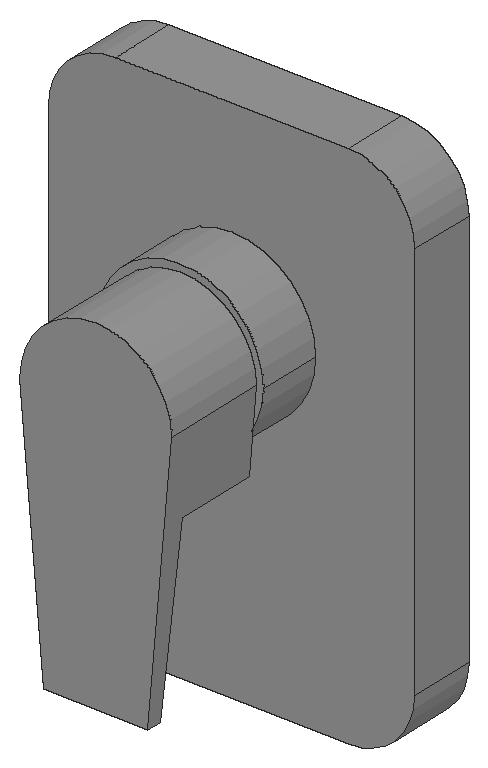
Revit family "Kohler Pitch K-74039IN-4FP-CP Family", category Plumbing Fixtures, Revit 2019
Family settings
  Round Connector Dimension = Use Diameter
  Part Type = Normal
  Work Plane-Based = Yes
  Always vertical = Yes
  Cut with Voids When Loaded = No
  Shared = No
  Room Calculation Point = No
Parameters (values of type "Kohler Pitch K-74039IN-4FP-CP")
  Width = 110 mm
  URL = "www.africa.kohler.com"
  Thickness = 71 mm
  Telephone = "011 050 9000"  # constant formula
  Model = "Kohler Pitch K-74039IN-4FP-CP"  # constant formula
  Material = Chrome
  Manufacturer = "Kohler Co."  # constant formula
  Height = 160 mm
  Email = "contact.africa@kohler.com"  # constant formula
  Disclaimer = "Although care has been taken to ensure, to the best of our knowledge, that all data and information contained herein is accurate to the extent that it relates to either matters of fact or accepted practice at the time of issue. MDFC (Pty) Ltd assumes no responsibility for any errors in, or misinterpretation of, such data and/ or information or any loss or damage arising from, or related to its use."  # constant formula
  Default Elevation = 1219.2 mm
  Company Address = "Block C Unit 2, Coachman’s Crossing Office Park, 4 Brian St, Lyme Park, Johannesburg, 2191"  # constant formula
Reference planes
  plane 1 "Center (Front/Back)": y = 0
  plane 2: z = 0
  plane 3 "Center (Left/Right)": x = 0
  plane 4: y = -71
Forms (mm)
  Extrusion 1, solid, material "Chrome" <- "Material"
    sketch origin (0, 0, 0) x (1, 0, 0) y (0, 0, 1)
      loop
        arc (95.953, 94.667) -> (101.811, 80.525) -> (115.953, 74.667) r 20
        line (115.953, 74.667) -> (185.953, 74.667)
        arc (185.953, 74.667) -> (200.095, 80.525) -> (205.953, 94.667) r 20
        line (205.953, 94.667) -> (205.953, 214.667)
        arc (205.953, 214.667) -> (200.095, 228.809) -> (185.953, 234.667) r 20
        line (185.953, 234.667) -> (115.953, 234.667)
        arc (115.953, 234.667) -> (101.811, 228.809) -> (95.953, 214.667) r 20
        line (95.953, 214.667) -> (95.953, 94.667)
    from 0 to 20
  Extrusion 2, solid, material "Chrome" <- "Material"
    sketch origin (0, 0, 0) x (1, 0, 0) y (0, 0, 1)
      loop
        circle (150.953, 175.083) r 25
    from 20 to 39.423
  Extrusion 3, solid, material "Chrome" <- "Material"
    sketch origin (0, 0, 0) x (1, 0, 0) y (0, 0, 1)
      loop
        arc (173.736, 175.083) -> (150.953, 197.867) -> (128.17, 175.083) r 22.783
        line (128.17, 175.083) -> (135.256, 94.083) -> (166.65, 94.083) -> (173.736, 175.083)
    from 39.423 to 71
  Extrusion 4, void
    sketch origin (0, 0, 0) x (0, 1, 0) y (0, 0, 1)
      loop
        line (-34.618, 149.893) -> (-64.564, 149.893) -> (-66.809, 85.626) -> (-34.618, 85.626) -> (-34.618, 149.893)
    from 0 to 242.506
Cuts and joins
  Extrusion 4 cuts Extrusion 3
Dimensions and locks
  "Width": Extrusion 1 to Extrusion 1
  "Height": Extrusion 1 to Extrusion 1
  "Thickness": plane 4 to plane 1 "Center (Front/Back)"
  aligned and locked: level to plane 2
  aligned and locked: Extrusion 2 to Extrusion 1
  aligned and locked: Extrusion 3 to Extrusion 2
Automatic sketch dimensions
  plane 3 "Center (Left/Right)" to Extrusion 1 sketch curve = 95.953 mm
  Extrusion 1 sketch curve to Extrusion 1 sketch curve = 20 mm  (x3)
  Extrusion 1 sketch curve to Extrusion 1 sketch curve = 70 mm  (x2)
  level to Extrusion 1 sketch curve = 74.667 mm
  Extrusion 1 sketch curve to Extrusion 1 sketch curve = 120 mm
  plane 3 "Center (Left/Right)" to Extrusion 2 sketch curve = 150.953 mm
  level to Extrusion 2 sketch curve = 175.083 mm
  plane 3 "Center (Left/Right)" to Extrusion 3 sketch curve = 135.256 mm
  Extrusion 3 sketch curve to Extrusion 3 sketch curve = 15.697 mm
  Extrusion 3 sketch curve to Extrusion 3 sketch curve = 31.394 mm
  Extrusion 3 sketch curve to Extrusion 3 sketch curve = 22.783 mm
  level to Extrusion 3 sketch curve = 94.083 mm
  Extrusion 3 sketch curve to Extrusion 3 sketch curve = 81 mm
  Extrusion 3 sketch curve to Extrusion 3 sketch curve = 0 mm
  Extrusion 4 sketch curve to plane 4 = 4.191 mm
  Extrusion 4 sketch curve to plane 4 = 6.436 mm
  Extrusion 4 sketch curve to Extrusion 4 sketch curve = 32.191 mm
  level to Extrusion 4 sketch curve = 85.626 mm
  Extrusion 4 sketch curve to Extrusion 4 sketch curve = 64.267 mm
  radius of Extrusion 2 sketch curve = 25 mm
